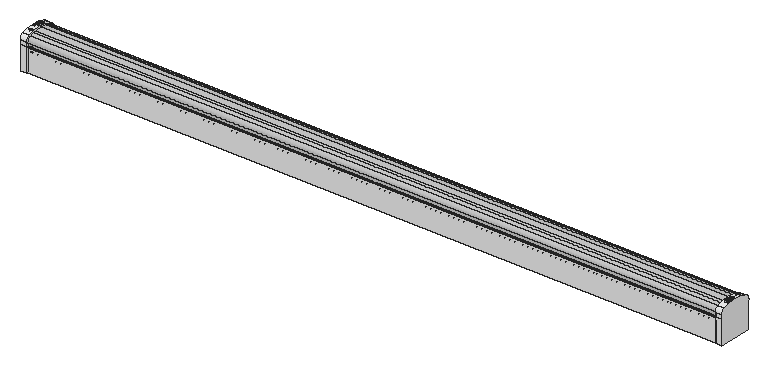
Revit family "EPIC-1500_AUB04610220001", category Lighting Fixtures, host Face, Revit 2020
Family settings
  Host = Face
  Round Connector Dimension = Use Diameter
  Part Type = Normal
  Cut with Voids When Loaded = No
  Light Source = Yes
  Shared = No
  Room Calculation Point = No
Parameters (values of type "EPIC-1500_3000K")
  Wattage = 47.45 W
  built-in parameter 1150110 = 1 (stored number, unit not read)
  built-in parameter 1150109 = 1 (stored number, unit not read)
  built-in parameter 1150134 = (empty or 0)
  built-in parameter 1150113 = 1 (stored number, unit not read)
  Tilt Angle = -90.00°
  Photometric Web File = "EPIC-1500-3K_IESA_G_TUV7191314725_20230817.IES"
  Model = "EPIC-1500"
  Manufacturer = "Clevertronics"  # constant formula
  Emit from Line Length = 609.6 mm
  Description = "Epic 1500mm Diffused Batten, Switchable Colour"
  CreatedBy = ""
  Clevertronics_Width = 72 mm
  Clevertronics_Weight = "2.2 Kg"
  Clevertronics_Viewing Distance = "N/A"
  Clevertronics_Total Lumen Output = "5555 lm (117 lm/W)"
  Clevertronics_Testing System = "N/A"
  Clevertronics_Testing Node = "N/A"
  Clevertronics_Supply Current = "180mA +/- 20mA"
  Clevertronics_Replacement Battery = "N/A"
  Clevertronics_Product Description = "Epic 1500mm Diffused Batten, Switchable Colour & Output"
  Clevertronics_Power Factor = "0.90 @ High Output"
  Clevertronics_Power Consumption = "47.45W"
  Clevertronics_Other Modules = ""  # constant formula
  Clevertronics_Operating Voltage = "220-240V~ 50Hz"
  Clevertronics_Operating Temperature = "1°C to 40°C"
  Clevertronics_Operating Mode = "N/A"
  Clevertronics_Mounting = "Surface Mount"
  Clevertronics_Material = Clevertronics_Plycarbonate Base
  Lumens = 5551.65 lm
  built-in parameter 1114217 = 1 (stored number, unit not read)
  built-in parameter 1150115 = 1 (stored number, unit not read)
  built-in parameter 1150105 = 5551.7 (stored number, unit not read)
  built-in parameter 1150137 = 1
  built-in parameter 1150139 = (empty or 0)
  built-in parameter 1150112 = 1 (stored number, unit not read)
  built-in parameter 1150114 = 1 (stored number, unit not read)
  Lamp = "Dual LED strip module, 3000K warm white, 5700K cool white, >50,000hr life, Ra>80__L70/B50 Ta 40°C; Reported >54,000hr, Projected 158,000hr__L80/B50 Ta 40°C; Reported >54,000hr, Projected 99,000hr"
  built-in parameter 1150132 = (empty or 0)
  built-in parameter 1150102 = (empty or 0)
  built-in parameter 1150138 = (empty or 0)
  built-in parameter 1150107 = 3000 (stored number, unit not read)
  built-in parameter 1150106 = 55.517 (stored number, unit not read)
  built-in parameter 1150104 = 10.87 (stored number, unit not read)
  Dimming Lamp Color Temperature Shift = <None>
  Default Elevation = 1200 mm
  Color Filter = 16777215
  Clevertronics_Stacked Symbol Position [instance] = 0
  Clevertronics_MIC Number = "AUB04610220001"
  Clevertronics_Length = 1533 mm
  Clevertronics_Inrush Current = "28.4A, <88µs"
  Clevertronics_Impact Rating = "IK03"
  Clevertronics_IP Rating = "IP20"
  Clevertronics_Height = 78 mm
  Clevertronics_Emergency Driver = "LED Driver : 1330069"
  Clevertronics_Earth Leakage = "0.152mA"
  Clevertronics_Driver/ Ballast = "LC 57W, 700-1050mA, flexC Ip SNC4"
  Clevertronics_Dimensions Main Enclosure = "L 1533mm x W 72mm x H 78mm"
  Clevertronics_Diffuser = "Co-extruded IP40 PC Diffuser Assembly"
  Clevertronics_Construction = "Powder Coated Sheet Metal Base, Co-extruded IP40 PC Diffuser Assembly, PC End Caps"
  Clevertronics_Charger Method = "N/A"
  Clevertronics_Battery Type = "N/A"
  Clevertronics_Battery = "N/A"
  Clevertronics_Applicable Standards = "AS/NZS3820, CISPR15, AS/NZS60598.1"
  Clevertronics_Annotation Vertical Offset [instance] = 0 mm
  Clevertronics_Annotation Size = 0 mm
  Clevertronics_Annotation Horizontal Offset [instance] = 0 mm
  Clevertronics_AS2293 Classification = "N/A"
  built-in parameter 1140040 [instance] = 1
  built-in parameter 1114218 = 1 (stored number, unit not read)
  built-in parameter 1150133 = 10 (stored number, unit not read)
  Assembly Code = ""
  Apparent Load = 0 VA
Types (3, lengths in mm): name | Wattage | built-in parameter 1150134 | Photometric Web File | Clevertronics_Total Lumen Output | Clevertronics_Power Consumption | Lumens | built-in parameter 1150105 | built-in parameter 1150107 | built-in parameter 1150106 | built-in parameter 1150104
  EPIC-1500_4000K | 45.33 W | 12 | "EPIC-1500-4K_IESA_G_TUV7191314725_20230817.IES" | "6117 lm (134.9 lm/W)" | "45.33W" | 6115.02 lm | 486.62 (stored number, unit not read) | 4000 (stored number, unit not read) | 4.8662 (stored number, unit not read) | 12.533 (stored number, unit not read)
  EPIC-1500_3000K | 47.45 W | (empty or 0) | "EPIC-1500-3K_IESA_G_TUV7191314725_20230817.IES" | "5555 lm (117 lm/W)" | "47.45W" | 5551.65 lm | 5551.7 (stored number, unit not read) | 3000 (stored number, unit not read) | 55.517 (stored number, unit not read) | 10.87 (stored number, unit not read)
  EPIC-1500_5700K | 47.49 W | (empty or 0) | "EPIC-1500-57K_IESA_G_TUV7191314725_20230817.IES" | "5883 lm (123.8 lm/W)" | "47.49W" | 5879.26 lm | 5879.3 (stored number, unit not read) | 5700 (stored number, unit not read) | 58.793 (stored number, unit not read) | 11.501 (stored number, unit not read)
Reference planes
  plane 1 "Center (Front/Back)": y = 0
  plane 2: z = 0
  plane 3 "Center (Left/Right)": x = 0
  plane 4: y = -16.746
  plane 5: x = 759.289
Forms (mm)
  Extrusion 1, solid, material "Clevertronics_Metal, Powder Coated, White"
    sketch origin (0, 0, 0) x (0, 1, 0) y (0, 0, 1)
      loop
        line (-34, 47.888) -> (-34, 0) -> (34, 0) -> (34, 47.888) -> (-34, 47.888)
    from -752.5 to 752.5
  Extrusion 2, solid, material "Clevertronics_Metal, Powder Coated, White"
    sketch origin (0, 0, 0) x (0, 1, 0) y (0, 0, 1)
      loop
        line (-36, 52.408) -> (-36, 0) -> (36, 0) -> (36, 52.408) -> (36, 60.131)
        arc (36, 60.131) -> (33.916, 66.575) -> (28.656, 70.839) r 11.905
        arc (28.656, 70.839) -> (14.609, 75.128) -> (0, 76.645) r 76.257
        arc (0, 76.645) -> (-14.609, 75.128) -> (-28.656, 70.839) r 76.257
        arc (-28.656, 70.839) -> (-33.916, 66.575) -> (-36, 60.131) r 11.905
        line (-36, 60.131) -> (-36, 52.408)
    from 752.5 to 766.5
  Extrusion 3, solid, material "Clevertronics_Metal, Powder Coated, White"
    sketch origin (0, 0, 0) x (0, 1, 0) y (0, 0, -1)
      loop
        line (-36, -52.408) -> (-36, -60.131)
        arc (-36, -60.131) -> (-33.916, -66.575) -> (-28.656, -70.839) r 11.905
        arc (-28.656, -70.839) -> (-14.609, -75.128) -> (0, -76.645) r 76.257
        arc (0, -76.645) -> (14.609, -75.128) -> (28.656, -70.839) r 76.257
        arc (28.656, -70.839) -> (33.916, -66.575) -> (36, -60.131) r 11.905
        line (36, -60.131) -> (36, -52.408) -> (36, 0) -> (-36, 0) -> (-36, -52.408)
    from 752.5 to 766.5
  Extrusion 4, solid, material "Clevertronics_Diffuser"
    sketch origin (0, 0, 0) x (0, 1, 0) y (0, 0, 1)
      loop
        line (-34.069, 59.777) -> (-34.069, 51.88)
        arc (-34.069, 51.88) -> (-33.924, 50.796) -> (-33.5, 49.788) r 4.133
        arc (-33.5, 49.788) -> (-32.498, 48.413) -> (-30.88, 47.888) r 2.757
        line (-30.88, 47.888) -> (-28.532, 47.888)
        arc (-28.532, 47.888) -> (-27.825, 47.595) -> (-27.532, 46.888) r 1
        line (-27.532, 46.888) -> (-27.532, 42.271)
        arc (-27.532, 42.271) -> (-27.672, 41.769) -> (-28.05, 41.41) r 0.975
        arc (-28.05, 41.41) -> (-28.547, 41.043) -> (-28.86, 40.51) r 1.534
        arc (-28.86, 40.51) -> (-28.861, 39.627) -> (-28.395, 38.877) r 1.604
        arc (-28.395, 38.877) -> (-27.949, 38.586) -> (-27.659, 38.14) r 1.288
        arc (-27.659, 38.14) -> (-27.538, 37.699) -> (-27.532, 37.243) r 1.808
        line (-27.532, 37.243) -> (-27.532, 36.166) -> (-26.332, 36.166) -> (-26.332, 37.545)
        arc (-26.332, 37.545) -> (-26.601, 38.712) -> (-27.354, 39.643) r 2.666
        arc (-27.354, 39.643) -> (-27.655, 40.035) -> (-27.354, 40.427) r 0.406
        arc (-27.354, 40.427) -> (-26.657, 41.181) -> (-26.34, 42.157) r 2.392
        line (-26.34, 42.157) -> (-26.34, 42.98)
        arc (-26.34, 42.98) -> (-26.107, 43.299) -> (-25.732, 43.421) r 0.64
        line (-25.732, 43.421) -> (-24.946, 43.421) -> (-24.946, 44.426) -> (-25.759, 44.426)
        arc (-25.759, 44.426) -> (-26.144, 44.574) -> (-26.331, 44.943) r 0.575
        arc (-26.331, 44.943) -> (-26.103, 45.493) -> (-25.552, 45.721) r 0.779
        line (-25.552, 45.721) -> (-19.532, 45.721) -> (-19.532, 44.426) -> (-21.232, 44.426) -> (-21.232, 43.421) -> (0, 43.421) -> (21.232, 43.421) -> (21.232, 44.426) -> (19.532, 44.426) -> (19.532, 45.721) -> (25.552, 45.721)
        arc (25.552, 45.721) -> (26.103, 45.493) -> (26.331, 44.943) r 0.779
        arc (26.331, 44.943) -> (26.144, 44.574) -> (25.759, 44.426) r 0.575
        line (25.759, 44.426) -> (24.946, 44.426) -> (24.946, 43.421) -> (25.732, 43.421)
        arc (25.732, 43.421) -> (26.107, 43.299) -> (26.34, 42.98) r 0.64
        line (26.34, 42.98) -> (26.34, 42.157)
        arc (26.34, 42.157) -> (26.657, 41.181) -> (27.354, 40.427) r 2.392
        arc (27.354, 40.427) -> (27.655, 40.035) -> (27.354, 39.643) r 0.406
        arc (27.354, 39.643) -> (26.601, 38.712) -> (26.332, 37.545) r 2.666
        line (26.332, 37.545) -> (26.332, 36.166) -> (27.532, 36.166) -> (27.532, 37.243)
        arc (27.532, 37.243) -> (27.538, 37.699) -> (27.659, 38.14) r 1.808
        arc (27.659, 38.14) -> (27.949, 38.586) -> (28.395, 38.877) r 1.288
        arc (28.395, 38.877) -> (28.861, 39.627) -> (28.86, 40.51) r 1.604
        arc (28.86, 40.51) -> (28.547, 41.043) -> (28.05, 41.41) r 1.534
        arc (28.05, 41.41) -> (27.672, 41.769) -> (27.532, 42.271) r 0.975
        line (27.532, 42.271) -> (27.532, 46.888)
        arc (27.532, 46.888) -> (27.825, 47.595) -> (28.532, 47.888) r 1
        line (28.532, 47.888) -> (30.88, 47.888)
        arc (30.88, 47.888) -> (32.498, 48.413) -> (33.5, 49.788) r 2.757
        arc (33.5, 49.788) -> (33.924, 50.796) -> (34.069, 51.88) r 4.133
        line (34.069, 51.88) -> (34.069, 59.777)
        arc (34.069, 59.777) -> (32.342, 65.394) -> (27.757, 69.07) r 9.998
        arc (27.757, 69.07) -> (23.38, 70.69) -> (18.934, 72.108) r 101.656
        arc (18.934, 72.108) -> (16.467, 72.704) -> (13.989, 73.25) r 123.107
        arc (13.989, 73.25) -> (7.022, 74.221) -> (0, 74.623) r 86.5
        arc (0, 74.623) -> (-7.022, 74.221) -> (-13.989, 73.25) r 86.5
        arc (-13.989, 73.25) -> (-16.478, 72.752) -> (-18.934, 72.108) r 43.176
        arc (-18.934, 72.108) -> (-23.38, 70.69) -> (-27.757, 69.07) r 101.656
        arc (-27.757, 69.07) -> (-32.342, 65.394) -> (-34.069, 59.777) r 9.998
      loop
        line (-16.282, 45.721) -> (-18.118, 45.721)
        arc (-18.118, 45.721) -> (-18.532, 45.074) -> (-18.118, 44.426) r 0.713
        line (-18.118, 44.426) -> (0, 44.426) -> (18.118, 44.426)
        arc (18.118, 44.426) -> (18.532, 45.074) -> (18.118, 45.721) r 0.713
        line (18.118, 45.721) -> (16.282, 45.721) -> (16.282, 46.721) -> (25.799, 46.721)
        arc (25.799, 46.721) -> (26.268, 46.901) -> (26.498, 47.347) r 0.703
        arc (26.498, 47.347) -> (27.192, 48.509) -> (28.457, 48.991) r 2.062
        line (28.457, 48.991) -> (30.88, 48.888)
        arc (30.88, 48.888) -> (31.806, 49.132) -> (32.431, 49.857) r 1.617
        arc (32.431, 49.857) -> (32.728, 50.49) -> (32.978, 51.144) r 9.501
        line (32.978, 51.144) -> (33.071, 51.926) -> (33.071, 59.777)
        arc (33.071, 59.777) -> (31.56, 64.77) -> (27.534, 68.087) r 9.005
        arc (27.534, 68.087) -> (25.319, 68.975) -> (23.078, 69.798) r 82.593
        line (23.078, 69.798) -> (18.668, 71.135) -> (14.068, 72.23)
        arc (14.068, 72.23) -> (9.433, 72.986) -> (4.76, 73.456) r 76.595
        line (4.76, 73.456) -> (0, 73.622) -> (-4.76, 73.456)
        arc (-4.76, 73.456) -> (-9.433, 72.986) -> (-14.068, 72.23) r 76.595
        line (-14.068, 72.23) -> (-18.668, 71.135) -> (-23.078, 69.798)
        arc (-23.078, 69.798) -> (-25.319, 68.975) -> (-27.534, 68.087) r 82.593
        arc (-27.534, 68.087) -> (-31.56, 64.77) -> (-33.071, 59.777) r 9.005
        line (-33.071, 59.777) -> (-33.071, 51.926) -> (-32.978, 51.144)
        arc (-32.978, 51.144) -> (-32.728, 50.49) -> (-32.431, 49.857) r 9.501
        arc (-32.431, 49.857) -> (-31.806, 49.132) -> (-30.88, 48.888) r 1.617
        line (-30.88, 48.888) -> (-28.457, 48.991)
        arc (-28.457, 48.991) -> (-27.192, 48.509) -> (-26.498, 47.347) r 2.062
        arc (-26.498, 47.347) -> (-26.268, 46.901) -> (-25.799, 46.721) r 0.703
        line (-25.799, 46.721) -> (-16.282, 46.721) -> (-16.282, 45.721)
    from -751.5 to 752.5
  Extrusion 5, void
    sketch origin (0, 0, 0) x (1, 0, 0) y (0, 1, 0)
      loop
        arc (-762.875, -15.866) -> (-763.266, -16.003) -> (-763.487, -16.353) r 0.629
        line (-763.487, -16.353) -> (-763.487, -17.138)
        arc (-763.487, -17.138) -> (-763.266, -17.489) -> (-762.875, -17.625) r 0.629
        line (-762.875, -17.625) -> (-759.68, -17.625)
        arc (-759.68, -17.625) -> (-759.248, -17.624) -> (-758.88, -17.85) r 0.787
        line (-758.88, -17.85) -> (-758.88, -18.685)
        arc (-758.88, -18.685) -> (-758.564, -18.984) -> (-758.151, -18.847) r 0.423
        line (-758.151, -18.847) -> (-756.044, -17.169)
        arc (-756.044, -17.169) -> (-755.779, -16.746) -> (-756.044, -16.322) r 0.471
        line (-756.044, -16.322) -> (-758.151, -14.644)
        arc (-758.151, -14.644) -> (-758.564, -14.507) -> (-758.88, -14.806) r 0.423
        line (-758.88, -14.806) -> (-758.88, -15.641)
        arc (-758.88, -15.641) -> (-759.248, -15.868) -> (-759.68, -15.866) r 0.787
        line (-759.68, -15.866) -> (-762.875, -15.866)
    from 73.831 to 75.439
  Extrusion 6, void
    sketch origin (776.035, 776.025, 0) x (0, 1, 0) y (-1, 0, 0)
      loop
        line (-762.875, 15.866) -> (-759.68, 15.866)
        arc (-759.68, 15.866) -> (-759.248, 15.868) -> (-758.88, 15.641) r 0.787
        line (-758.88, 15.641) -> (-758.88, 14.806)
        arc (-758.88, 14.806) -> (-758.564, 14.507) -> (-758.151, 14.644) r 0.423
        line (-758.151, 14.644) -> (-756.044, 16.322)
        arc (-756.044, 16.322) -> (-755.779, 16.746) -> (-756.044, 17.169) r 0.471
        line (-756.044, 17.169) -> (-758.151, 18.847)
        arc (-758.151, 18.847) -> (-758.564, 18.984) -> (-758.88, 18.685) r 0.423
        line (-758.88, 18.685) -> (-758.88, 17.85)
        arc (-758.88, 17.85) -> (-759.248, 17.624) -> (-759.68, 17.625) r 0.787
        line (-759.68, 17.625) -> (-762.875, 17.625)
        arc (-762.875, 17.625) -> (-763.266, 17.489) -> (-763.487, 17.138) r 0.629
        line (-763.487, 17.138) -> (-763.487, 16.353)
        arc (-763.487, 16.353) -> (-763.266, 16.003) -> (-762.875, 15.866) r 0.629
    from 73.14 to 75.771
  Extrusion 7, solid
    sketch origin (0, 7.92, 1.026) x (1, 0, 0) y (0, 0.994522, 0.104528)
      loop
        circle (756.915, -14.552) r 1.585
      loop
        circle (756.915, -14.552) r 0.832
      loop
        line (758.685, -12.669) -> (758.685, -11.855) -> (757.354, -11.855)
        arc (757.354, -11.855) -> (756.667, -10.299) -> (756.062, -11.888) r 0.919
        line (756.062, -11.888) -> (755.253, -11.888) -> (755.253, -12.669) -> (758.685, -12.669)
      loop
        line (756.97, -9.252) -> (756.97, -7.635) -> (755.973, -7.998)
        arc (755.973, -7.998) -> (756.448, -10.019) -> (757.834, -8.474) r 1.171
        line (757.834, -8.474) -> (757.279, -7.682) -> (757.207, -8.501)
        arc (757.207, -8.501) -> (757.385, -8.97) -> (756.97, -9.252) r 0.405
      loop
        line (756.586, -9.25) -> (756.586, -8.453)
        arc (756.586, -8.453) -> (756.188, -8.852) -> (756.586, -9.25) r 0.398
      loop
        line (758.008, -5.855) -> (758.008, -5.046) -> (756.586, -5.046)
        arc (756.586, -5.046) -> (755.87, -5.659) -> (756.362, -6.462) r 0.726
        line (756.362, -6.462) -> (755.567, -6.462) -> (755.567, -7.267) -> (758.008, -7.267) -> (758.008, -6.462) -> (756.541, -6.462)
        arc (756.541, -6.462) -> (756.669, -6.038) -> (757.073, -5.855) r 0.536
        line (757.073, -5.855) -> (758.008, -5.855)
      loop
        line (760.183, -15.075) -> (760.183, -15.879) -> (762.558, -15.879)
        arc (762.558, -15.879) -> (763.049, -15.624) -> (763.121, -15.075) r 0.6
        arc (763.121, -15.075) -> (762.729, -14.583) -> (762.337, -15.075) r 0.402
        line (762.337, -15.075) -> (760.183, -15.075)
      loop
        line (763.082, -14.251) -> (763.082, -13.444) -> (761.94, -13.444)
        arc (761.94, -13.444) -> (761.638, -13.142) -> (761.94, -12.84) r 0.302
        line (761.94, -12.84) -> (763.082, -12.84) -> (763.082, -12.05) -> (761.66, -12.05)
        arc (761.66, -12.05) -> (760.891, -12.54) -> (761.012, -13.444) r 0.848
        line (761.012, -13.444) -> (760.183, -13.444) -> (760.183, -14.251) -> (763.082, -14.251)
      loop
        line (760.981, -10.711) -> (760.981, -11.517) -> (763.082, -11.517) -> (763.082, -10.711) -> (760.981, -10.711)
      loop
        line (760.848, -11.114) -> (760.087, -10.837) -> (759.327, -11.114) -> (760.087, -11.391) -> (760.848, -11.114)
      loop
        arc (760.715, -7.107) -> (759.937, -8.247) -> (760.675, -9.414) r 1.256
        line (760.675, -9.414) -> (762.067, -8.8)
        arc (762.067, -8.8) -> (762.681, -9.059) -> (762.389, -9.658) r 0.459
        line (762.389, -9.658) -> (762.668, -10.425)
        arc (762.668, -10.425) -> (763.224, -8.903) -> (761.861, -8.026) r 1.297
        arc (761.861, -8.026) -> (761.334, -8.609) -> (760.548, -8.613) r 0.975
        arc (760.548, -8.613) -> (760.578, -8.126) -> (760.991, -7.865) r 0.537
        line (760.991, -7.865) -> (760.715, -7.107)
      loop
        line (762.23, -5.659) -> (762.23, -4.043) -> (761.232, -4.406)
        arc (761.232, -4.406) -> (761.707, -6.426) -> (763.093, -4.881) r 1.171
        line (763.093, -4.881) -> (762.538, -4.089) -> (762.467, -4.908)
        arc (762.467, -4.908) -> (762.644, -5.377) -> (762.23, -5.659) r 0.405
      loop
        line (761.846, -5.657) -> (761.846, -4.861)
        arc (761.846, -4.861) -> (761.447, -5.259) -> (761.846, -5.657) r 0.398
      loop
        line (763.302, -2.27) -> (763.302, -1.462) -> (761.881, -1.462)
        arc (761.881, -1.462) -> (761.164, -2.074) -> (761.656, -2.878) r 0.726
        line (761.656, -2.878) -> (760.861, -2.878) -> (760.861, -3.682) -> (763.302, -3.682) -> (763.302, -2.878) -> (761.835, -2.878)
        arc (761.835, -2.878) -> (761.963, -2.453) -> (762.367, -2.27) r 0.536
        line (762.367, -2.27) -> (763.302, -2.27)
      loop
        line (759.93, 1.254) -> (759.93, 0.44) -> (761.261, 0.44)
        arc (761.261, 0.44) -> (761.948, -1.115) -> (762.553, 0.473) r 0.919
        line (762.553, 0.473) -> (763.361, 0.473) -> (763.361, 1.254) -> (759.93, 1.254)
    from 74.623 to 76.633
  Extrusion 8, solid
    sketch origin (0.416, -5.13, 0.438) x (-1, 0, 0) y (0, -0.997564, 0.069756)
      loop
        circle (762.369, -15.185) r 1.585
      loop
        circle (762.369, -15.185) r 0.832
      loop
        line (758.997, -12.591) -> (758.997, -11.777) -> (757.667, -11.777)
        arc (757.667, -11.777) -> (756.98, -10.221) -> (756.374, -11.81) r 0.919
        line (756.374, -11.81) -> (755.566, -11.81) -> (755.566, -12.591) -> (758.997, -12.591)
      loop
        line (757.283, -9.174) -> (757.283, -7.557) -> (756.286, -7.92)
        arc (756.286, -7.92) -> (756.76, -9.941) -> (758.146, -8.396) r 1.171
        line (758.146, -8.396) -> (757.592, -7.604) -> (757.52, -8.423)
        arc (757.52, -8.423) -> (757.698, -8.892) -> (757.283, -9.174) r 0.405
      loop
        line (756.899, -9.172) -> (756.899, -8.375)
        arc (756.899, -8.375) -> (756.501, -8.774) -> (756.899, -9.172) r 0.398
      loop
        line (758.32, -5.777) -> (758.32, -4.968) -> (756.899, -4.968)
        arc (756.899, -4.968) -> (756.182, -5.581) -> (756.675, -6.384) r 0.726
        line (756.675, -6.384) -> (755.879, -6.384) -> (755.879, -7.189) -> (758.32, -7.189) -> (758.32, -6.384) -> (756.854, -6.384)
        arc (756.854, -6.384) -> (756.981, -5.96) -> (757.385, -5.777) r 0.536
        line (757.385, -5.777) -> (758.32, -5.777)
      loop
        line (760.785, -12.278) -> (760.785, -13.082) -> (763.16, -13.082)
        arc (763.16, -13.082) -> (763.651, -12.827) -> (763.723, -12.278) r 0.6
        arc (763.723, -12.278) -> (763.331, -11.786) -> (762.939, -12.278) r 0.402
        line (762.939, -12.278) -> (760.785, -12.278)
      loop
        line (763.572, -11.469) -> (763.572, -10.663) -> (762.43, -10.663)
        arc (762.43, -10.663) -> (762.128, -10.361) -> (762.43, -10.058) r 0.302
        line (762.43, -10.058) -> (763.572, -10.058) -> (763.572, -9.268) -> (762.15, -9.268)
        arc (762.15, -9.268) -> (761.381, -9.759) -> (761.502, -10.663) r 0.848
        line (761.502, -10.663) -> (760.673, -10.663) -> (760.673, -11.469) -> (763.572, -11.469)
      loop
        line (762.653, -2.19) -> (762.653, -0.574) -> (761.656, -0.937)
        arc (761.656, -0.937) -> (762.13, -2.957) -> (763.516, -1.412) r 1.171
        line (763.516, -1.412) -> (762.962, -0.62) -> (762.89, -1.439)
        arc (762.89, -1.439) -> (763.068, -1.908) -> (762.653, -2.19) r 0.405
      loop
        line (762.269, -2.188) -> (762.269, -1.392)
        arc (762.269, -1.392) -> (761.871, -1.79) -> (762.269, -2.188) r 0.398
      loop
        line (763.725, 1.199) -> (763.725, 2.007) -> (762.304, 2.007)
        arc (762.304, 2.007) -> (761.587, 1.395) -> (762.08, 0.591) r 0.726
        line (762.08, 0.591) -> (761.284, 0.591) -> (761.284, -0.213) -> (763.725, -0.213) -> (763.725, 0.591) -> (762.259, 0.591)
        arc (762.259, 0.591) -> (762.386, 1.016) -> (762.79, 1.199) r 0.536
        line (762.79, 1.199) -> (763.725, 1.199)
      loop
        line (760.353, 4.723) -> (760.353, 3.909) -> (761.684, 3.909)
        arc (761.684, 3.909) -> (762.371, 2.354) -> (762.976, 3.942) r 0.919
        line (762.976, 3.942) -> (763.785, 3.942) -> (763.785, 4.723) -> (760.353, 4.723)
      loop
        circle (757.132, -14.435) r 1.585
      loop
        circle (757.132, -14.435) r 0.832
      loop
        line (762.634, -8.001) -> (762.634, -6.384) -> (761.637, -6.747)
        arc (761.637, -6.747) -> (762.112, -8.768) -> (763.498, -7.223) r 1.171
        line (763.498, -7.223) -> (762.943, -6.431) -> (762.871, -7.25)
        arc (762.871, -7.25) -> (763.049, -7.719) -> (762.634, -8.001) r 0.405
      loop
        line (762.25, -7.999) -> (762.25, -7.202)
        arc (762.25, -7.202) -> (761.852, -7.601) -> (762.25, -7.999) r 0.398
      loop
        line (763.532, -6.04) -> (763.532, -5.23) -> (762.75, -5.23)
        arc (762.75, -5.23) -> (762.321, -5.028) -> (762.204, -4.568) r 0.557
        line (762.204, -4.568) -> (761.414, -4.415) -> (761.823, -5.275)
        arc (761.823, -5.275) -> (761.43, -5.239) -> (761.037, -5.207) r 35.189
        line (761.037, -5.207) -> (761.037, -6.04) -> (763.532, -6.04)
    from 74.623 to 76.633
Cuts and joins
  Extrusion 5 cuts Extrusion 3
  Extrusion 6 cuts Extrusion 2
Dimensions and locks
  aligned and locked: host face to plane 2
  aligned and locked: host face to level
Connectors
  electrical at (0, 0, 0)
    settings: on Extrusion 1, index 1, voltage 220 V, apparent load 0 VA, apparent load phase1 53 VA, apparent load phase2 0 VA, apparent load phase3 0 VA, power factor 0.9, load classification "Other", number of poles 1, system type 31, power factor state 1, is connector primary yes, connector utility no, sub classification motor no, connector description ""
